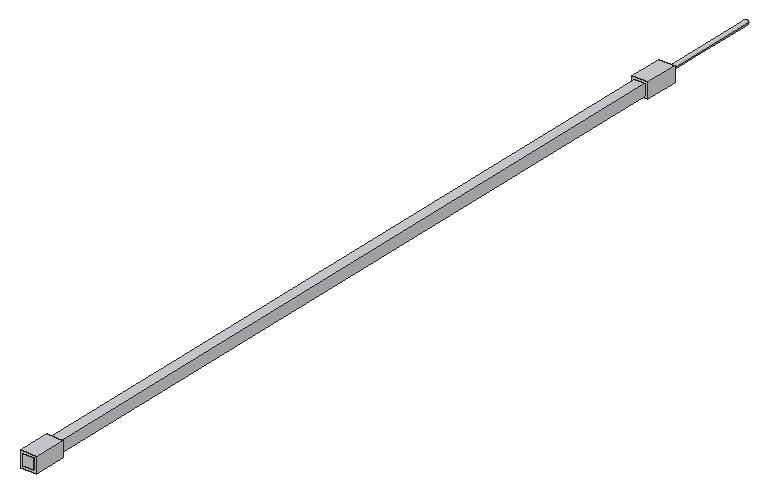
Revit family "KBL-F-V-XX", category Lighting Fixtures, Revit 2017
Family settings
  Round Connector Dimension = Use Diameter
  Part Type = Normal
  OmniClass Number = 23.80.70.00
  OmniClass Title = Lighting
  Work Plane-Based = No
  Always vertical = Yes
  Cut with Voids When Loaded = No
  Light Source = Yes
  Shared = No
  Room Calculation Point = No
Parameters
  Wattage = 9.2903 W
  built-in parameter 1150110 = 1 (stored number, unit not read)
  built-in parameter 1114217 = 1 (stored number, unit not read)
  built-in parameter 1150109 = 1 (stored number, unit not read)
  built-in parameter 1150134 = (empty or 0)
  built-in parameter 1150113 = 1 (stored number, unit not read)
  Lumens = 1380 lm
  built-in parameter 1150115 = 1 (stored number, unit not read)
  built-in parameter 1150105 = 109.82 (stored number, unit not read)
  Light Source Symbol Size = 24.00"
  built-in parameter 1150137 = (empty or 0)
  built-in parameter 1150139 = (empty or 0)
  built-in parameter 1150112 = 1 (stored number, unit not read)
  built-in parameter 1150114 = 1 (stored number, unit not read)
  built-in parameter 1150132 = 2
  built-in parameter 1150102 = (empty or 0)
  built-in parameter 1150138 = (empty or 0)
  built-in parameter 1150107 = 3000 (stored number, unit not read)
  built-in parameter 1150106 = 1.0982 (stored number, unit not read)
  built-in parameter 1150104 = 13.8 (stored number, unit not read)
  Dimming Lamp Color Temperature Shift = (empty or 0)
  Color Filter = 16777215
  built-in parameter 1114218 = 1 (stored number, unit not read)
  built-in parameter 1150133 = 10 (stored number, unit not read)
Reference planes (in)
  plane 1 "Light Source Axis (F/B)": y = 0
  plane 2: z = 0
  plane 3 "Light Source Axis (L/R)": x = 0
  plane 4 "Light Source Elevation": z = 59.05512
Forms (in)
  Extrusion 1, solid
    sketch origin (0, 0, 0) x (1, 0, 0) y (0, 0, 1)
      loop
        line (0.43568, -0.22817) -> (-0.19432, -0.22817) -> (-0.19432, -0.89817) -> (0.43568, -0.89817) -> (0.43568, -0.22817)
    from 0 to 48
  Extrusion 2, solid
    sketch origin (0, 0, 0) x (1, 0, 0) y (0, 0, 1)
      loop
        line (-0.36932, -0.10317) -> (-0.36932, -1.02317) -> (0.61068, -1.02317) -> (0.61068, -0.10317) -> (-0.36932, -0.10317)
    from 0 to 2
  Extrusion 3, solid
    sketch origin (0, -46, 0) x (1, 0, 0) y (0, 0, 1)
      loop
        line (-0.36932, -0.10317) -> (-0.36932, -1.02317) -> (0.61068, -1.02317) -> (0.61068, -0.10317) -> (-0.36932, -0.10317)
    from 0 to 2
  Extrusion 4, solid
    sketch origin (0, 0, 0) x (1, 0, 0) y (0, 0, 1)
      loop
        circle (0.12068, -0.56317) r 0.2
    from 0 to -0.09125
  Extrusion 5, solid
    sketch origin (0, 0, 0) x (1, 0, 0) y (0, 0, 1)
      loop
        circle (0.12068, -0.56317) r 0.12155
    from 0 to -5.99548
Dimensions and locks (in)
  aligned and locked: plane 3 "Light Source Axis (L/R)" to imposter light
  aligned and locked: plane 1 "Light Source Axis (F/B)" to imposter light
  aligned and locked: plane 4 "Light Source Elevation" to imposter light
  aligned and locked: level to plane 2
